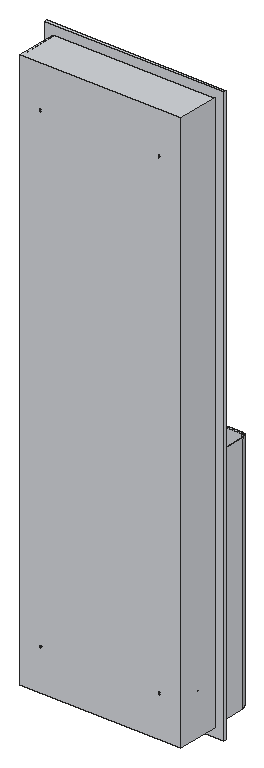
Revit family "AX9205E_0028", category Appareils sanitaires, Revit 2016
Family settings
  Hôte = Mur
  Type d'élément = Normal
  Cote de connecteur circulaire = Utiliser le diamètre
  Numéro OmniClass = 23.75.00.00
  Titre OmniClass = Climate Control (HVAC)
  Toujours verticalement = Oui
  Couper avec des vides une fois chargée = Non
  Partagée = Non
  Point de calcul de pièce = Non
Parameters (values of type "Type 1")
  URL = "http://www.axeuro.com/fr/combines-2-en-1/24192-combine-distributeur-d-essuie-mains-et-poubelle-ax9205e.html?search_query=ax9205e&results=2"
  Modèle = "AX9205E, AX9205E-MBK"  # constant formula
  Fabricant = "Axeuro"  # constant formula
  Description = "Combiné à encastrer : distributeur d'essuie-mains et poubelle / Combo unit : Paper towel dispenser and waste receptacle"  # constant formula
Reference planes
  plane 1 "Mur": y = 0
  plane 2 "Centre (gauche/droite)": x = 0
  plane 3 "Arrière": y = 75
Forms (mm)
  Extrusion 1, solid
    sketch origin (12.394, -110.813, 52.381) x (1, 0, 0) y (0, 0, 1)
      loop
        line (206.606, 2149.119) -> (-230.394, 2149.119) -> (-230.394, 727.119) -> (206.606, 727.119) -> (206.606, 2149.119)
      loop
        line (181.606, 752.119) -> (181.606, 2125.119) -> (-206.394, 2125.119) -> (-206.394, 752.119) -> (181.606, 752.119)
    from -192.813 to -185.813
  Extrusion 2, solid
    sketch origin (792.002, -25, -259.389) x (1, 0, 0) y (0, 0, 1)
      loop
        line (-595.002, 2439.889) -> (-989.002, 2439.889) -> (-989.002, 1059.889) -> (-595.002, 1059.889) -> (-595.002, 2439.889)
      loop
        line (-597.002, 2437.864) -> (-987.002, 2437.864) -> (-987.002, 1061.889) -> (-597.002, 1061.889) -> (-597.002, 2437.864)
    from -100 to 0
  Extrusion 3, solid
    sketch origin (0, -100, -2) x (1, 0, 0) y (0, 1, 0)
      loop
        line (-197, 73) -> (197, 73) -> (197, 75) -> (-197, 75) -> (-197, 73)
    from 802.5 to 2182.5
  Extrusion 4, void
    sketch origin (54.494, -102, 59.77) x (1, 0, 0) y (0, 0, 1)
      loop
        circle (90.506, 2018.73) r 3
    from -77.018 to -75
  Extrusion 5, void
    sketch origin (-54.494, -102, 59.77) x (-1, 0, 0) y (0, 0, -1)
      loop
        circle (90.506, -2018.73) r 3
    from -77.018 to -75
  Extrusion 6, void
    sketch origin (-54.494, -102.018, 2922.089) x (-1, 0, 0) y (0, 0, -1)
      loop
        circle (90.506, 2018.73) r 3
    from -77.018 to -75
  Extrusion 7, solid
    sketch origin (0, -101.7, 0) x (1, 0, 0) y (0, 1, 0)
      loop
        arc (-178.197, 283.7) -> (-189.441, 278.278) -> (-194, 266.658) r 17.091
        line (-194, 266.658) -> (-194, 76.7) -> (0, 76.7) -> (194, 76.7) -> (194, 266.658)
        arc (194, 266.658) -> (189.441, 278.278) -> (178.197, 283.7) r 17.091
        line (178.197, 283.7) -> (0, 283.7) -> (-178.197, 283.7)
      loop
        arc (-178.131, 282) -> (-188.216, 277.1) -> (-192.3, 266.658) r 15.391
        line (-192.3, 266.658) -> (-192.3, 78.718) -> (0, 78.718) -> (192.3, 78.718) -> (192.3, 266.658)
        arc (192.3, 266.658) -> (188.216, 277.1) -> (178.131, 282) r 15.391
        line (178.131, 282) -> (0, 282) -> (-178.131, 282)
    from 802.5 to 1394.5
  Extrusion 8, solid
    sketch origin (0, -101.7, 0) x (1, 0, 0) y (0, 1, 0)
      loop
        line (-194, 77.018) -> (0, 77.018) -> (194, 77.018) -> (194, 266.658)
        arc (194, 266.658) -> (189.441, 278.278) -> (178.197, 283.7) r 17.091
        line (178.197, 283.7) -> (0, 283.7) -> (-178.197, 283.7)
        arc (-178.197, 283.7) -> (-189.441, 278.278) -> (-194, 266.658) r 17.091
        line (-194, 266.658) -> (-194, 77.018)
    from 802.5 to 804.5
  Extrusion 9, solid
    sketch origin (0, -100, 0) x (0, 1, 0) y (0, 0, 1)
      loop
        line (75, 2178.475) -> (75, 1736.086) -> (182, 1754.207) -> (182, 2178.475) -> (75, 2178.475)
    from -194 to 194
  Extrusion 10, void
    sketch origin (1, -103.588, -69.899) x (0, 1, 0) y (0, 0, 1)
      loop
        circle (126.588, 2148.399) r 3
    from 192.3 to 196
  Extrusion 11, void
    sketch origin (-1, -103.588, -69.899) x (0, 1, 0) y (0, 0, -1)
      loop
        circle (126.588, -2148.399) r 3
    from 192.3 to 196
  Extrusion 12, void
    sketch origin (1, -103.588, -1245.04) x (0, 1, 0) y (0, 0, 1)
      loop
        circle (126.588, 2148.399) r 3
    from 192.3 to 196
  Extrusion 13, void
    sketch origin (-1, -103.588, -1245.04) x (0, 1, 0) y (0, 0, -1)
      loop
        circle (126.588, -2148.399) r 3
    from 192.3 to 196
  Revolve 14, solid
    sketch origin (157.402, -101.015, 17.924) x (0, 1, 0) y (0, 0, 1)
      loop
        line (183.015, 1951.576) -> (183.015, 1947.779) -> (188.973, 1947.779)
        arc (188.973, 1947.779) -> (186.535, 1950.527) -> (183.015, 1951.576) r 6.699
      axis (188.973, 1939.978) -> (183.015, 1939.978)
    angle from 0 to 360
  Extrusion 15, solid
    sketch origin (157.402, -26.015, 17.924) x (1, 0, 0) y (0, 0, 1)
      loop
        circle (0, 1940.019) r 7.777
    from -113.973 to -108.015
  Extrusion 16, void
    sketch origin (159.603, -26.015, 18.561) x (1, 0, 0) y (0, 0, 1)
      loop
        line (-0.713, 1944.317) -> (-3.713, 1944.317) -> (-3.713, 1934.447) -> (-0.713, 1934.447) -> (-0.713, 1944.317)
    from -113.973 to -108.015
  Revolve 17, solid, not visible
    sketch origin (162.118, 0, 18.451) x (0, 1, 0) y (0, 0, 1)
      loop
        line (183.015, 1951.576) -> (183.015, 1947.779) -> (188.973, 1947.779)
        arc (188.973, 1947.779) -> (186.535, 1950.527) -> (183.015, 1951.576) r 6.699
      axis (188.973, 1939.978) -> (183.015, 1939.978)
    angle from 0 to 360
  Extrusion 18, solid, not visible
    sketch origin (162.118, 75, 18.451) x (1, 0, 0) y (0, 0, 1)
      loop
        circle (0, 1940.019) r 7.777
    from -113.973 to -108.015
  Extrusion 19, void, not visible
    sketch origin (164.319, 75, 19.088) x (1, 0, 0) y (0, 0, 1)
      loop
        line (-0.713, 1944.317) -> (-3.713, 1944.317) -> (-3.713, 1934.447) -> (-0.713, 1934.447) -> (-0.713, 1944.317)
    from -113.973 to -108.015
  Revolve 20, solid
    sketch origin (0, -182.045, -519.974) x (0, 1, 0) y (0, 0, 1)
      loop
        line (183.015, 1951.576) -> (183.015, 1947.779) -> (188.973, 1947.779)
        arc (188.973, 1947.779) -> (186.535, 1950.527) -> (183.015, 1951.576) r 6.699
      axis (188.973, 1939.978) -> (183.015, 1939.978)
    angle from 0 to 360
  Extrusion 21, solid
    sketch origin (0, -107.045, -519.974) x (1, 0, 0) y (0, 0, 1)
      loop
        circle (0, 1940.019) r 7.777
    from -113.973 to -108.015
  Extrusion 22, void
    sketch origin (2.201, -107.045, -519.337) x (1, 0, 0) y (0, 0, 1)
      loop
        line (-0.713, 1944.317) -> (-3.713, 1944.317) -> (-3.713, 1934.447) -> (-0.713, 1934.447) -> (-0.713, 1944.317)
    from -113.973 to -108.015
  Revolve 23, solid, not visible
    sketch origin (0, 0, -534.619) x (0, 1, 0) y (0, 0, 1)
      loop
        line (183.015, 1951.576) -> (183.015, 1947.779) -> (188.973, 1947.779)
        arc (188.973, 1947.779) -> (186.535, 1950.527) -> (183.015, 1951.576) r 6.699
      axis (188.973, 1939.978) -> (183.015, 1939.978)
    angle from 0 to 360
  Extrusion 24, solid, not visible
    sketch origin (0, 75, -534.619) x (1, 0, 0) y (0, 0, 1)
      loop
        circle (0, 1940.019) r 7.777
    from -113.973 to -108.015
  Extrusion 25, void, not visible
    sketch origin (2.201, 75, -533.982) x (1, 0, 0) y (0, 0, 1)
      loop
        line (-0.713, 1944.317) -> (-3.713, 1944.317) -> (-3.713, 1934.447) -> (-0.713, 1934.447) -> (-0.713, 1944.317)
    from -113.973 to -108.015
  Revolve 26, solid, not visible
    sketch origin (0, 0, -534.619) x (0, 1, 0) y (0, 0, 1)
      loop
        line (183.015, 1951.576) -> (183.015, 1947.779) -> (188.973, 1947.779)
        arc (188.973, 1947.779) -> (186.535, 1950.527) -> (183.015, 1951.576) r 6.699
      axis (188.973, 1939.978) -> (183.015, 1939.978)
    angle from 0 to 360
  Extrusion 27, solid, not visible
    sketch origin (0, 75, -534.619) x (1, 0, 0) y (0, 0, 1)
      loop
        circle (0, 1940.019) r 7.777
    from -113.973 to -108.015
  Extrusion 28, void, not visible
    sketch origin (2.201, 75, -533.982) x (1, 0, 0) y (0, 0, 1)
      loop
        line (-0.713, 1944.317) -> (-3.713, 1944.317) -> (-3.713, 1934.447) -> (-0.713, 1934.447) -> (-0.713, 1944.317)
    from -113.973 to -108.015
  Extrusion 29, void
    sketch origin (0, -114.375, 0) x (1, 0, 0) y (0, 1, 0)
      loop
        line (-125.246, 130) -> (-8.351, 117.16)
        arc (-8.351, 117.16) -> (0, 117.096) -> (8.351, 117.16) r 546.45
        line (8.351, 117.16) -> (125.246, 130)
        arc (125.246, 130) -> (132.048, 140) -> (125.246, 150) r 10.752
        line (125.246, 150) -> (75.246, 150)
        arc (75.246, 150) -> (61.579, 150.358) -> (47.95, 151.431) r 261.137
        arc (47.95, 151.431) -> (26.164, 166.695) -> (0, 171.504) r 62.43
        arc (0, 171.504) -> (-26.164, 166.695) -> (-47.95, 151.431) r 62.43
        arc (-47.95, 151.431) -> (-61.579, 150.358) -> (-75.246, 150) r 261.137
        line (-75.246, 150) -> (-125.246, 150)
        arc (-125.246, 150) -> (-132.048, 140) -> (-125.246, 130) r 10.752
    from 1727.5 to 1862.566
  Revolve 30, solid, not visible
    sketch origin (162.118, 0, 18.451) x (0, 1, 0) y (0, 0, 1)
      loop
        line (183.015, 1951.576) -> (183.015, 1947.779) -> (188.973, 1947.779)
        arc (188.973, 1947.779) -> (186.535, 1950.527) -> (183.015, 1951.576) r 6.699
      axis (188.973, 1939.978) -> (183.015, 1939.978)
    angle from 0 to 360
  Extrusion 31, solid, not visible
    sketch origin (162.118, 75, 18.451) x (1, 0, 0) y (0, 0, 1)
      loop
        circle (0, 1940.019) r 7.777
    from -113.973 to -108.015
  Extrusion 32, void, not visible
    sketch origin (164.319, 75, 19.088) x (1, 0, 0) y (0, 0, 1)
      loop
        line (-0.713, 1944.317) -> (-3.713, 1944.317) -> (-3.713, 1934.447) -> (-0.713, 1934.447) -> (-0.713, 1944.317)
    from -113.973 to -108.015
  Revolve 33, solid, not visible
    sketch origin (0, -82.045, -534.619) x (0, 1, 0) y (0, 0, 1)
      loop
        line (183.015, 1951.576) -> (183.015, 1947.779) -> (188.973, 1947.779)
        arc (188.973, 1947.779) -> (186.535, 1950.527) -> (183.015, 1951.576) r 6.699
      axis (188.973, 1939.978) -> (183.015, 1939.978)
    angle from 0 to 360
  Extrusion 34, solid, not visible
    sketch origin (0, -7.045, -534.619) x (1, 0, 0) y (0, 0, 1)
      loop
        circle (0, 1940.019) r 7.777
    from -113.973 to -108.015
  Extrusion 35, void, not visible
    sketch origin (2.201, -7.045, -533.982) x (1, 0, 0) y (0, 0, 1)
      loop
        line (-0.713, 1944.317) -> (-3.713, 1944.317) -> (-3.713, 1934.447) -> (-0.713, 1934.447) -> (-0.713, 1944.317)
    from -113.973 to -108.015
  Extrusion 36, solid
    sketch origin (0, 0, 14.141) x (0, 1, 0) y (0, 0, 1)
      loop
        line (-25, 1385.359) -> (0.97, 1385.359) -> (0.97, 1425.359) -> (-19.831, 1722.82) -> (-25, 1721.945) -> (-25, 1385.359)
    from -194 to 194
  Extrusion 37, void
    sketch origin (54.494, -102, -1115.23) x (1, 0, 0) y (0, 0, 1)
      loop
        circle (90.506, 2018.73) r 3
    from -77.018 to -75
  Extrusion 38, void
    sketch origin (70.506, -102, -1115.23) x (-1, 0, 0) y (0, 0, -1)
      loop
        circle (90.506, 2018.73) r 3
    from -77.018 to -75
  Extrusion 39, void
    sketch origin (0, 75, 0) x (1, 0, 0) y (0, 0, 1)
      loop
        line (194, 802.5) -> (194, 2180.5) -> (-194, 2180.5) -> (-194, 802.5) -> (194, 802.5)
    from -7 to 100
Cuts and joins
  Extrusion 5, Extrusion 6, Extrusion 10, Extrusion 11, Extrusion 12, Extrusion 13, Extrusion 16 cuts Extrusion 2
  Extrusion 4, Extrusion 5, Extrusion 6, Extrusion 10, Extrusion 11, Extrusion 12, Extrusion 13, Extrusion 16, Extrusion 37 cuts Extrusion 3
  joined: Extrusion 2, Extrusion 3
  Extrusion 13, Extrusion 37, Extrusion 38 cuts Extrusion 7
  Extrusion 13, Extrusion 39 cuts Extrusion 8
  joined: Extrusion 7, Extrusion 8
  Extrusion 10, Extrusion 11, Extrusion 12, Extrusion 22, Extrusion 29, Extrusion 37, Extrusion 38 cuts Extrusion 9
  Extrusion 16, Extrusion 22 cuts Extrusion 15
  Extrusion 22 cuts Extrusion 21
  Extrusion 37, Extrusion 38 cuts Extrusion 1
Lines and regions (mm)
  reference lines
    curve 1: line (219, 75, 1687.5) -> (219, 75, 1727.5)
    curve 2: line (0, 75, 2162.5) -> (0, 82, 2162.5)
    curve 3: line (0, -27, 2162.5) -> (0, -25, 2162.5)
Text (mm)
  text "Côté de la mise en place" at (-1820.995, 1116.779, 0), in view "Niveau de réf."
  text "Côté de la mise en place" at (0, 1334.055, 2976.191), in view "Gauche"
  text "Côté de la mise en place" at (0, 439.194, 2944.362), in view "Droite"
Dimensions and locks
  locked: plane 3 "Arrière" to host wall
  aligned and locked: plane 1 "Mur" to host wall
